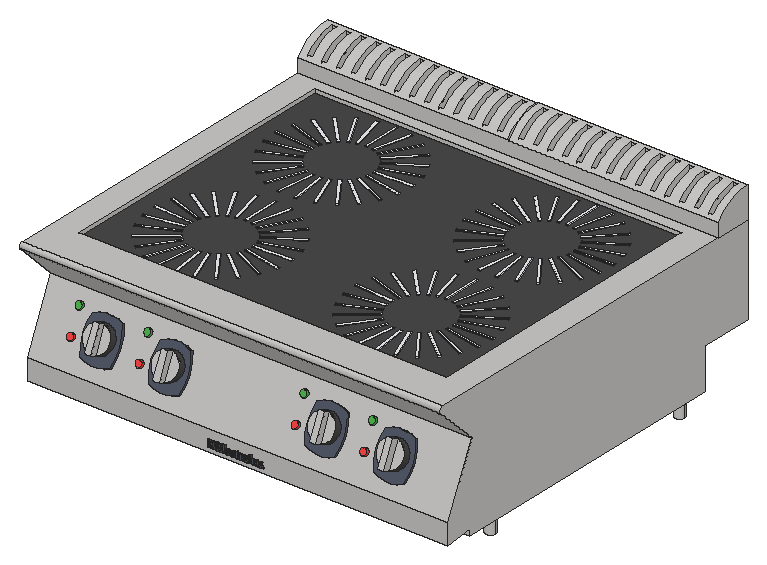
Revit family "QF_ELECTROLUXPROFESSIONAL_371025_E7IREH4000", category Specialty Equipment, Revit 2018 (continued)
Automatic sketch dimensions
  Extrusion 41 sketch curve to Extrusion 41 sketch curve = 0.444 mm
  Extrusion 41 sketch curve to Extrusion 41 sketch curve = 1.11 mm  (x3)
  Extrusion 41 sketch curve to Extrusion 41 sketch curve = 0.215 mm
  Extrusion 41 sketch curve to Extrusion 41 sketch curve = 1.43 mm
  Extrusion 41 sketch curve to Extrusion 41 sketch curve = 1.188 mm
  Extrusion 41 sketch curve to Extrusion 41 sketch curve = 1.21 mm  (x2)
  Extrusion 41 sketch curve to Extrusion 41 sketch curve = 0.503 mm
  Extrusion 41 sketch curve to Extrusion 41 sketch curve = 0.488 mm
  Extrusion 41 sketch curve to Extrusion 41 sketch curve = 0.462 mm
  Extrusion 41 sketch curve to Extrusion 41 sketch curve = 1.386 mm
  Extrusion 41 sketch curve to Extrusion 41 sketch curve = 1.742 mm  (x2)
  Extrusion 41 sketch curve to Extrusion 41 sketch curve = 0.821 mm
  Extrusion 41 sketch curve to Extrusion 41 sketch curve = 0.497 mm
  Extrusion 41 sketch curve to Extrusion 41 sketch curve = 0.539 mm
  Extrusion 41 sketch curve to Extrusion 41 sketch curve = 0.686 mm
  Extrusion 41 sketch curve to Extrusion 41 sketch curve = 0.408 mm
  Extrusion 41 sketch curve to Extrusion 41 sketch curve = 0.743 mm
  Extrusion 41 sketch curve to Extrusion 41 sketch curve = 1.16 mm
  Extrusion 41 sketch curve to Extrusion 41 sketch curve = 0.329 mm
  Extrusion 41 sketch curve to Extrusion 41 sketch curve = 1.054 mm
  Extrusion 41 sketch curve to Extrusion 41 sketch curve = 1.056 mm
  Extrusion 41 sketch curve to Extrusion 41 sketch curve = 0.129 mm
  Extrusion 41 sketch curve to Extrusion 41 sketch curve = 0.489 mm
  Extrusion 41 sketch curve to Extrusion 41 sketch curve = 0.441 mm
  Extrusion 41 sketch curve to Extrusion 41 sketch curve = 1.151 mm
  Extrusion 41 sketch curve to Extrusion 41 sketch curve = 1.141 mm  (x2)
  Extrusion 41 sketch curve to Extrusion 41 sketch curve = 0.768 mm
  Extrusion 41 sketch curve to Extrusion 41 sketch curve = 1.653 mm
  Extrusion 41 sketch curve to Extrusion 41 sketch curve = 0.499 mm
  Extrusion 41 sketch curve to Extrusion 41 sketch curve = 0.964 mm
  Extrusion 41 sketch curve to Extrusion 41 sketch curve = 0.949 mm
  Extrusion 41 sketch curve to Extrusion 41 sketch curve = 1.345 mm  (x2)
  Extrusion 41 sketch curve to Extrusion 41 sketch curve = 1.101 mm
  Extrusion 41 sketch curve to Extrusion 41 sketch curve = 0.432 mm
  Extrusion 41 sketch curve to Extrusion 41 sketch curve = 1.142 mm
  Extrusion 41 sketch curve to Extrusion 41 sketch curve = 0.959 mm
  Extrusion 41 sketch curve to Extrusion 41 sketch curve = 0.176 mm
  Extrusion 41 sketch curve to Extrusion 41 sketch curve = 0.728 mm
  Extrusion 41 sketch curve to Extrusion 41 sketch curve = 3.375 mm  (x2)
  Extrusion 41 sketch curve to Extrusion 41 sketch curve = 0.541 mm
  Extrusion 41 sketch curve to Extrusion 41 sketch curve = 0.955 mm
  Extrusion 41 sketch curve to Extrusion 41 sketch curve = 1.251 mm
  Extrusion 41 sketch curve to Extrusion 41 sketch curve = 0.572 mm
  Extrusion 41 sketch curve to Extrusion 41 sketch curve = 1.92 mm
  Extrusion 41 sketch curve to Extrusion 41 sketch curve = 1.224 mm
  Extrusion 41 sketch curve to Extrusion 41 sketch curve = 0.745 mm
  Extrusion 41 sketch curve to Extrusion 41 sketch curve = 2.537 mm
  Extrusion 41 sketch curve to Extrusion 41 sketch curve = 0.896 mm  (x3)
  Extrusion 41 sketch curve to Extrusion 41 sketch curve = 0.036 mm
  Extrusion 41 sketch curve to Extrusion 41 sketch curve = 2.607 mm
  Extrusion 41 sketch curve to Extrusion 41 sketch curve = 0.066 mm
  Extrusion 41 sketch curve to Extrusion 41 sketch curve = 0.248 mm
  Extrusion 41 sketch curve to Extrusion 41 sketch curve = 0.449 mm
  Extrusion 41 sketch curve to Extrusion 41 sketch curve = 1.052 mm
  Extrusion 41 sketch curve to Extrusion 41 sketch curve = 1.863 mm
  Extrusion 41 sketch curve to Extrusion 41 sketch curve = 1.31 mm  (x2)
  Extrusion 41 sketch curve to Extrusion 41 sketch curve = 0.901 mm
  Extrusion 41 sketch curve to Extrusion 41 sketch curve = 1.107 mm
  Extrusion 41 sketch curve to Extrusion 41 sketch curve = 2.122 mm
  Extrusion 41 sketch curve to Extrusion 41 sketch curve = 2.101 mm
  Extrusion 41 sketch curve to Extrusion 41 sketch curve = 0.106 mm
  Extrusion 41 sketch curve to Extrusion 41 sketch curve = 0.029 mm
  Extrusion 41 sketch curve to Extrusion 41 sketch curve = 2.09 mm
  Extrusion 41 sketch curve to Extrusion 41 sketch curve = 1.279 mm
  Extrusion 41 sketch curve to Extrusion 41 sketch curve = 2.008 mm
  Extrusion 41 sketch curve to Extrusion 41 sketch curve = 0.738 mm
  Extrusion 41 sketch curve to Extrusion 41 sketch curve = 0.382 mm
  Extrusion 41 sketch curve to Extrusion 41 sketch curve = 0.384 mm
  Extrusion 41 sketch curve to Extrusion 41 sketch curve = 0.002 mm
  Extrusion 41 sketch curve to Extrusion 41 sketch curve = 0.561 mm
  Extrusion 41 sketch curve to Extrusion 41 sketch curve = 0.592 mm
  Extrusion 41 sketch curve to Extrusion 41 sketch curve = 2.692 mm
  Extrusion 41 sketch curve to Extrusion 41 sketch curve = 1.259 mm
  Extrusion 41 sketch curve to Extrusion 41 sketch curve = 0.802 mm
  Extrusion 41 sketch curve to Extrusion 41 sketch curve = 1.024 mm  (x2)
  Extrusion 41 sketch curve to Extrusion 41 sketch curve = 0.682 mm
  Extrusion 41 sketch curve to Extrusion 41 sketch curve = 5.934 mm
  Extrusion 41 sketch curve to Extrusion 41 sketch curve = 2.186 mm
  Extrusion 41 sketch curve to Extrusion 41 sketch curve = 0.337 mm
  Extrusion 41 sketch curve to Extrusion 41 sketch curve = 0.021 mm
  Extrusion 41 sketch curve to Extrusion 41 sketch curve = 1.005 mm
  Extrusion 41 sketch curve to Extrusion 41 sketch curve = 0.552 mm
  Extrusion 41 sketch curve to Extrusion 41 sketch curve = 0.778 mm
  Extrusion 41 sketch curve to Extrusion 41 sketch curve = 0.063 mm
  Extrusion 41 sketch curve to Extrusion 41 sketch curve = 1.023 mm
  Extrusion 41 sketch curve to Extrusion 41 sketch curve = 3.804 mm
  Extrusion 41 sketch curve to Extrusion 41 sketch curve = 0.486 mm
  Extrusion 41 sketch curve to Extrusion 41 sketch curve = 0.266 mm  (x2)
  Extrusion 41 sketch curve to Extrusion 41 sketch curve = 1.547 mm
  Extrusion 41 sketch curve to Extrusion 41 sketch curve = 0.717 mm  (x2)
  Extrusion 41 sketch curve to Extrusion 41 sketch curve = 1.667 mm
  Extrusion 41 sketch curve to Extrusion 41 sketch curve = 3.174 mm
  Extrusion 41 sketch curve to Extrusion 41 sketch curve = 0.388 mm
  Extrusion 41 sketch curve to Extrusion 41 sketch curve = 1.342 mm
  Extrusion 41 sketch curve to Extrusion 41 sketch curve = 1.521 mm
  Extrusion 41 sketch curve to Extrusion 41 sketch curve = 0.124 mm
  Extrusion 41 sketch curve to Extrusion 41 sketch curve = 0.291 mm
  plane 7 "Center Y" to Extrusion 41 sketch curve = 3.923 mm
  Extrusion 41 sketch curve to Extrusion 41 sketch curve = 1.049 mm  (x2)
  Extrusion 41 sketch curve to Extrusion 41 sketch curve = 1.7 mm
  Extrusion 41 sketch curve to Extrusion 41 sketch curve = 0.894 mm
  Extrusion 41 sketch curve to Extrusion 41 sketch curve = 0.989 mm
  Extrusion 41 sketch curve to Extrusion 41 sketch curve = 1.168 mm
  Extrusion 41 sketch curve to Extrusion 41 sketch curve = 1.594 mm
  Extrusion 41 sketch curve to Extrusion 41 sketch curve = 0.731 mm
  Extrusion 41 sketch curve to Extrusion 41 sketch curve = 1.566 mm
  Extrusion 41 sketch curve to Extrusion 41 sketch curve = 0.064 mm
  plane 7 "Center Y" to Extrusion 41 sketch curve = 4.479 mm
  Extrusion 41 sketch curve to Extrusion 41 sketch curve = 0.556 mm  (x2)
  Extrusion 41 sketch curve to Extrusion 41 sketch curve = 0.48 mm
  Extrusion 41 sketch curve to Extrusion 41 sketch curve = 1.018 mm
  Extrusion 41 sketch curve to Extrusion 41 sketch curve = 0.787 mm
  Extrusion 41 sketch curve to Extrusion 41 sketch curve = 0.618 mm
  Extrusion 41 sketch curve to Extrusion 41 sketch curve = 1.672 mm
  Extrusion 41 sketch curve to Extrusion 41 sketch curve = 1.361 mm
  Extrusion 41 sketch curve to Extrusion 41 sketch curve = 0.822 mm
  Extrusion 41 sketch curve to Extrusion 41 sketch curve = 0.069 mm
  Extrusion 41 sketch curve to Extrusion 41 sketch curve = 1.88 mm
  Extrusion 41 sketch curve to Extrusion 41 sketch curve = 0.42 mm
  Extrusion 41 sketch curve to Extrusion 41 sketch curve = 0.062 mm
  Extrusion 41 sketch curve to Extrusion 41 sketch curve = 1.355 mm
  Extrusion 41 sketch curve to Extrusion 41 sketch curve = 2.34 mm
  Extrusion 41 sketch curve to Extrusion 41 sketch curve = 0.493 mm
  Extrusion 41 sketch curve to Extrusion 41 sketch curve = 0.136 mm
  Extrusion 41 sketch curve to Extrusion 41 sketch curve = 0.128 mm
  Extrusion 41 sketch curve to Extrusion 41 sketch curve = 3.616 mm
  Extrusion 41 sketch curve to Extrusion 41 sketch curve = 4.207 mm
  Extrusion 41 sketch curve to Extrusion 41 sketch curve = 0.183 mm
  Extrusion 41 sketch curve to Extrusion 41 sketch curve = 0.895 mm
  Extrusion 41 sketch curve to Extrusion 41 sketch curve = 1.314 mm
  Extrusion 41 sketch curve to Extrusion 41 sketch curve = 3.231 mm
  Extrusion 41 sketch curve to Extrusion 41 sketch curve = 1.299 mm
  Extrusion 41 sketch curve to Extrusion 41 sketch curve = 1.214 mm
  Extrusion 41 sketch curve to Extrusion 41 sketch curve = 1.264 mm
  Extrusion 41 sketch curve to Extrusion 41 sketch curve = 0.109 mm
  Extrusion 41 sketch curve to Extrusion 41 sketch curve = 0.357 mm
  Extrusion 41 sketch curve to Extrusion 41 sketch curve = 0.565 mm
  Extrusion 41 sketch curve to Extrusion 41 sketch curve = 2.504 mm
  Extrusion 41 sketch curve to Extrusion 41 sketch curve = 2.459 mm
  Extrusion 41 sketch curve to Extrusion 41 sketch curve = 1.322 mm
  Extrusion 41 sketch curve to Extrusion 41 sketch curve = 2.77 mm
  Extrusion 41 sketch curve to Extrusion 41 sketch curve = 2.51 mm
  Extrusion 41 sketch curve to Extrusion 41 sketch curve = 0.187 mm
  Extrusion 41 sketch curve to Extrusion 41 sketch curve = 2.559 mm
  Extrusion 41 sketch curve to Extrusion 41 sketch curve = 1.556 mm
  Extrusion 41 sketch curve to Extrusion 41 sketch curve = 0.222 mm
  Extrusion 41 sketch curve to Extrusion 41 sketch curve = 1.383 mm
  Extrusion 41 sketch curve to Extrusion 41 sketch curve = 3.114 mm
  Extrusion 41 sketch curve to Extrusion 41 sketch curve = 3.376 mm
  Extrusion 41 sketch curve to Extrusion 41 sketch curve = 0.934 mm
  Extrusion 41 sketch curve to Extrusion 41 sketch curve = 0.191 mm
  Extrusion 41 sketch curve to Extrusion 41 sketch curve = 3.696 mm
  Extrusion 41 sketch curve to Extrusion 41 sketch curve = 2.708 mm
  Extrusion 41 sketch curve to Extrusion 41 sketch curve = 3.333 mm
  Extrusion 41 sketch curve to Extrusion 41 sketch curve = 0.332 mm
  Extrusion 41 sketch curve to Extrusion 41 sketch curve = 1.087 mm
  Extrusion 41 sketch curve to Extrusion 41 sketch curve = 2.23 mm
  Extrusion 41 sketch curve to Extrusion 41 sketch curve = 2.757 mm
  Extrusion 41 sketch curve to Extrusion 41 sketch curve = 0.987 mm
  Extrusion 41 sketch curve to Extrusion 41 sketch curve = 1.529 mm
  Extrusion 41 sketch curve to Extrusion 41 sketch curve = 1.796 mm
  Extrusion 41 sketch curve to Extrusion 41 sketch curve = 2.859 mm
  Extrusion 41 sketch curve to Extrusion 41 sketch curve = 0.853 mm
  Extrusion 41 sketch curve to Extrusion 41 sketch curve = 1.241 mm
  Extrusion 41 sketch curve to Extrusion 41 sketch curve = 2.046 mm  (x2)
  Extrusion 41 sketch curve to Extrusion 41 sketch curve = 2.422 mm
  Extrusion 41 sketch curve to Extrusion 41 sketch curve = 0.27 mm  (x2)
  Extrusion 41 sketch curve to Extrusion 41 sketch curve = 0.69 mm
  Extrusion 41 sketch curve to Extrusion 41 sketch curve = 0.781 mm  (x2)
  Extrusion 41 sketch curve to Extrusion 41 sketch curve = 3.136 mm
  Extrusion 41 sketch curve to Extrusion 41 sketch curve = 1.767 mm
  Extrusion 41 sketch curve to Extrusion 41 sketch curve = 0.138 mm
  Extrusion 41 sketch curve to Extrusion 41 sketch curve = 0.777 mm
  Extrusion 41 sketch curve to Extrusion 41 sketch curve = 1.19 mm
  Extrusion 41 sketch curve to Extrusion 41 sketch curve = 0.782 mm
  Extrusion 41 sketch curve to Extrusion 41 sketch curve = 1.268 mm
  Extrusion 41 sketch curve to Extrusion 41 sketch curve = 0.422 mm  (x2)
  Extrusion 41 sketch curve to Extrusion 41 sketch curve = 1.559 mm
  Extrusion 41 sketch curve to Extrusion 41 sketch curve = 3.927 mm
  Extrusion 41 sketch curve to Extrusion 41 sketch curve = 0.983 mm
  Extrusion 41 sketch curve to Extrusion 41 sketch curve = 1.134 mm
  Extrusion 41 sketch curve to Extrusion 41 sketch curve = 0.094 mm
  plane 7 "Center Y" to Extrusion 41 sketch curve = 1.023 mm
  Extrusion 41 sketch curve to Extrusion 41 sketch curve = 1.501 mm
  Extrusion 41 sketch curve to Extrusion 41 sketch curve = 1.808 mm
  Extrusion 41 sketch curve to Extrusion 41 sketch curve = 0.643 mm
  Extrusion 41 sketch curve to Extrusion 41 sketch curve = 0.916 mm
  Extrusion 41 sketch curve to Extrusion 41 sketch curve = 0.352 mm
  Extrusion 41 sketch curve to Extrusion 41 sketch curve = 0.458 mm
  Extrusion 41 sketch curve to Extrusion 41 sketch curve = 1.282 mm
  Extrusion 41 sketch curve to Extrusion 41 sketch curve = 1.363 mm
  Extrusion 41 sketch curve to Extrusion 41 sketch curve = 0.685 mm
  Extrusion 41 sketch curve to Extrusion 41 sketch curve = 0.905 mm
  Extrusion 41 sketch curve to Extrusion 41 sketch curve = 2.865 mm
  Extrusion 41 sketch curve to Extrusion 41 sketch curve = 0.472 mm
  Extrusion 41 sketch curve to Extrusion 41 sketch curve = 0.101 mm
  Extrusion 41 sketch curve to Extrusion 41 sketch curve = 0.54 mm
  Extrusion 41 sketch curve to Extrusion 41 sketch curve = 0.02 mm
  Extrusion 41 sketch curve to Extrusion 41 sketch curve = 0.468 mm
  Extrusion 41 sketch curve to Extrusion 41 sketch curve = 0.829 mm
  Extrusion 41 sketch curve to Extrusion 41 sketch curve = 0.582 mm
  Extrusion 41 sketch curve to Extrusion 41 sketch curve = 0.166 mm
  Extrusion 41 sketch curve to Extrusion 41 sketch curve = 0.16 mm
  Extrusion 41 sketch curve to Extrusion 41 sketch curve = 2.781 mm
  Extrusion 41 sketch curve to Extrusion 41 sketch curve = 1.118 mm
  Extrusion 41 sketch curve to Extrusion 41 sketch curve = 0.613 mm
  Extrusion 41 sketch curve to Extrusion 41 sketch curve = 0.361 mm
  Extrusion 41 sketch curve to Extrusion 41 sketch curve = 0.897 mm
  Extrusion 41 sketch curve to Extrusion 41 sketch curve = 0.167 mm
  Extrusion 41 sketch curve to Extrusion 41 sketch curve = 0.292 mm
  Extrusion 41 sketch curve to Extrusion 41 sketch curve = 0.305 mm
  Extrusion 41 sketch curve to Extrusion 41 sketch curve = 1.557 mm
  Extrusion 41 sketch curve to Extrusion 41 sketch curve = 2.499 mm
  Extrusion 41 sketch curve to Extrusion 41 sketch curve = 3.062 mm
  Extrusion 41 sketch curve to Extrusion 41 sketch curve = 2.968 mm
  Extrusion 41 sketch curve to Extrusion 41 sketch curve = 5.044 mm
  Extrusion 41 sketch curve to Extrusion 41 sketch curve = 0.629 mm  (x2)
  Extrusion 41 sketch curve to Extrusion 41 sketch curve = 1.131 mm
  Extrusion 41 sketch curve to Extrusion 41 sketch curve = 0.137 mm
  Extrusion 41 sketch curve to Extrusion 41 sketch curve = 0.027 mm
  Extrusion 41 sketch curve to Extrusion 41 sketch curve = 2.235 mm
  Extrusion 42 sketch curve to Extrusion 1 = 31.333 mm  (x2)
  Extrusion 42 sketch curve to Extrusion 42 sketch curve = 12.3 mm  (x3)
  Extrusion 42 sketch curve to Extrusion 42 sketch curve = 34.925 mm  (x2)
  Extrusion 1 to Extrusion 42 sketch curve = 44.467 mm
  Extrusion 1 to Extrusion 42 sketch curve = 305.752 mm
  Extrusion 42 sketch curve to Extrusion 42 sketch curve = 25.727 mm
  Extrusion 42 sketch curve to Extrusion 42 sketch curve = 25.771 mm
  Extrusion 42 sketch curve to Extrusion 42 sketch curve = 28.531 mm
  Extrusion 44 sketch curve to Extrusion 44 sketch curve = 24.732 mm
  Extrusion 44 sketch curve to Extrusion 44 sketch curve = 0 mm
  Extrusion 1 to Extrusion 45 sketch curve = 29.678 mm
  Extrusion 1 to Extrusion 45 sketch curve = 196.283 mm
  Extrusion 46 sketch curve to Extrusion 1 = 54.522 mm
  Extrusion 1 to Extrusion 46 sketch curve = 196.283 mm
  Extrusion 47 sketch curve to Extrusion 1 = 31.333 mm  (x2)
  Extrusion 47 sketch curve to Extrusion 47 sketch curve = 12.3 mm  (x3)
  Extrusion 47 sketch curve to Extrusion 47 sketch curve = 34.925 mm  (x2)
  Extrusion 1 to Extrusion 47 sketch curve = 44.467 mm
  Extrusion 1 to Extrusion 47 sketch curve = 66.558 mm
  Extrusion 47 sketch curve to Extrusion 47 sketch curve = 25.683 mm
  Extrusion 47 sketch curve to Extrusion 47 sketch curve = 25.727 mm
  Extrusion 47 sketch curve to Extrusion 47 sketch curve = 28.575 mm
  Extrusion 49 sketch curve to Extrusion 49 sketch curve = 24.732 mm
  Extrusion 49 sketch curve to Extrusion 49 sketch curve = 0 mm
  Extrusion 50 sketch curve to Extrusion 1 = 31.333 mm  (x2)
  Extrusion 50 sketch curve to Extrusion 50 sketch curve = 12.3 mm  (x3)
  Extrusion 50 sketch curve to Extrusion 50 sketch curve = 34.925 mm  (x2)
  Extrusion 1 to Extrusion 50 sketch curve = 44.467 mm
  Extrusion 1 to Extrusion 50 sketch curve = 197.193 mm
  Extrusion 50 sketch curve to Extrusion 50 sketch curve = 25.683 mm
  Extrusion 50 sketch curve to Extrusion 50 sketch curve = 25.727 mm
  Extrusion 50 sketch curve to Extrusion 50 sketch curve = 28.575 mm
  Extrusion 52 sketch curve to Extrusion 52 sketch curve = 24.732 mm
  Extrusion 52 sketch curve to Extrusion 52 sketch curve = 0 mm
  Extrusion 1 to Extrusion 53 sketch curve = 29.678 mm
  Extrusion 1 to Extrusion 53 sketch curve = 306.618 mm
  Extrusion 54 sketch curve to Extrusion 1 = 54.522 mm
  Extrusion 1 to Extrusion 54 sketch curve = 306.618 mm
  Extrusion 1 to Extrusion 55 sketch curve = 29.678 mm
  Extrusion 1 to Extrusion 55 sketch curve = 175.983 mm
  Extrusion 56 sketch curve to Extrusion 1 = 54.522 mm
  Extrusion 1 to Extrusion 56 sketch curve = 175.983 mm
  plane 7 "Center Y" to curve 133 = 1.729 mm
  curve 9 to plane 7 "Center Y" = 1.454 mm
  curve 9 to curve 7 = 0 mm
  radius of Extrusion 3 sketch curve = 9.525 mm  (x4)
  radius of Extrusion 5 sketch curve = 25.4 mm
  radius of Extrusion 6 sketch curve to Extrusion 5 = 0 mm  (x2)
  radius of Extrusion 7 sketch curve = 6.35 mm
  radius of Extrusion 8 sketch curve = 6.4 mm
  radius of Extrusion 9 sketch curve = 12.7 mm
  radius of Extrusion 43 sketch curve = 25.4 mm
  radius of Extrusion 44 sketch curve to Extrusion 43 = 0 mm  (x2)
  radius of Extrusion 45 sketch curve = 6.35 mm
  radius of Extrusion 46 sketch curve = 6.4 mm
  radius of Extrusion 48 sketch curve = 25.4 mm
  radius of Extrusion 49 sketch curve to Extrusion 48 = 0 mm  (x2)
  radius of Extrusion 51 sketch curve = 25.4 mm
  radius of Extrusion 52 sketch curve to Extrusion 51 = 0 mm  (x2)
  radius of Extrusion 53 sketch curve = 6.35 mm
  radius of Extrusion 54 sketch curve = 6.4 mm
  radius of Extrusion 55 sketch curve = 6.35 mm
  radius of Extrusion 56 sketch curve = 6.4 mm
Nested families
  nested 1: "INDUCTION BURNER" at (79.771, -98.911, 266.887), type "INDUCTION BURNER"
    with Type Mark "", Status "", Specification by User "", Revision Code "", Item Number "", Installed By "", Identify Quantity as Lot yes, Furnished By "", Foodservice Equipment Identifier yes
  nested 2: "INDUCTION BURNER" at (461.843, -98.911, 266.887), type "INDUCTION BURNER"
    with Type Mark "", Status "", Specification by User "", Revision Code "", Item Number "", Installed By "", Identify Quantity as Lot yes, Furnished By "", Foodservice Equipment Identifier yes
  nested 3: "INDUCTION BURNER" at (461.843, -386.411, 266.887), type "INDUCTION BURNER"
    with Type Mark "", Status "", Specification by User "", Revision Code "", Item Number "", Installed By "", Identify Quantity as Lot yes, Furnished By "", Foodservice Equipment Identifier yes
  nested 4: "INDUCTION BURNER" at (79.771, -386.411, 266.887), type "INDUCTION BURNER"
    with Type Mark "", Status "", Specification by User "", Revision Code "", Item Number "", Installed By "", Identify Quantity as Lot yes, Furnished By "", Foodservice Equipment Identifier yes
Connectors
  electrical at (736.5, -88.9, 57.906), driven by "Volts", driven by "Watts"
    settings: on Extrusion 9, index 1, voltage 400 V, apparent load 8800 VA, apparent load phase1 0 VA, apparent load phase2 0 VA, apparent load phase3 0 VA, power factor 1, load classification "Other", number of poles 1, system type 30, power factor state 1, is connector primary yes, connector utility no, sub classification motor no, connector description "Electrical Connection"
Definition of nested family "INDUCTION BURNER"
  Parameters
    Weight in Pounds = 0
    URL Cutsheet = ""
    Type Mark [instance] = ""
    Status [instance] = ""
    Specification by User [instance] = ""
    Specification by Manufacturer = ""
    Serial Number = ""
    Seismic Rating = ""
    SMACNA No = ""
    Revision Code [instance] = ""
    Omniclass Number and Title = ""
    NAFEM Spec ID Number = ""
    Masterspec = ""
    Item Number [instance] = ""
    Installed By [instance] = ""
    Identify Quantity as Lot [instance] = yes
    Furnished By [instance] = ""
    Foodservice Equipment Identifier [instance] = yes
    CSI MasterFormat = ""
    CSI Master Format = ""
    Assembly Code = ""
  Reference planes
    plane 1 "BACK": y = 0
    plane 2: z = 0
    plane 3 "LEFT": x = 0
    plane 4 "RIGHT": x = 263
    plane 5 "FRONT": y = -263
    plane 6 "TOP": z = 0.794
    plane 7 "Center Y": x = 131.5
    plane 8 "Center X": y = -131.5
  Forms (mm)
    Extrusion 1, solid
      sketch origin (0, 0, 0) x (1, 0, 0) y (0, 1, 0)
        loop
          line (134, -73.314) -> (134, 0) -> (129, 0) -> (129, -73.314) -> (134, -73.314)
        loop
          line (119.451, -74.521) -> (101.219, -3.51) -> (96.376, -4.753) -> (114.608, -75.764) -> (119.451, -74.521)
        loop
          line (105.66, -79.307) -> (70.34, -15.061) -> (65.959, -17.47) -> (101.278, -81.716) -> (105.66, -79.307)
        loop
          line (93.492, -87.373) -> (43.304, -33.929) -> (39.66, -37.352) -> (89.847, -90.796) -> (93.492, -87.373)
        loop
          line (83.712, -98.212) -> (21.81, -58.928) -> (19.131, -63.15) -> (81.033, -102.433) -> (83.712, -98.212)
        loop
          line (5.664, -93.242) -> (75.39, -115.897) -> (76.935, -111.142) -> (7.209, -88.487) -> (5.664, -93.242)
        loop
          line (73.586, -125.351) -> (0.416, -120.748) -> (0.103, -125.738) -> (73.272, -130.342) -> (73.586, -125.351)
        loop
          line (73.876, -139.947) -> (1.861, -153.685) -> (2.798, -158.596) -> (74.813, -144.859) -> (73.876, -139.947)
        loop
          line (77.788, -154.012) -> (11.451, -185.228) -> (13.58, -189.752) -> (79.916, -158.536) -> (77.788, -154.012)
        loop
          line (85.074, -166.663) -> (28.584, -213.395) -> (31.771, -217.248) -> (88.261, -170.515) -> (85.074, -166.663)
        loop
          line (95.277, -177.104) -> (52.184, -236.416) -> (56.229, -239.355) -> (99.322, -180.043) -> (95.277, -177.104)
        loop
          line (107.756, -184.679) -> (80.767, -252.845) -> (85.416, -254.686) -> (112.405, -186.52) -> (107.756, -184.679)
        loop
          line (121.727, -188.914) -> (112.538, -261.65) -> (117.499, -262.276) -> (126.688, -189.54) -> (121.727, -188.914)
        loop
          line (143.549, -74.521) -> (148.392, -75.764) -> (166.624, -4.753) -> (161.781, -3.51) -> (143.549, -74.521)
        loop
          line (157.34, -79.307) -> (161.722, -81.716) -> (197.041, -17.47) -> (192.66, -15.061) -> (157.34, -79.307)
        loop
          line (169.508, -87.373) -> (173.153, -90.796) -> (223.34, -37.352) -> (219.696, -33.929) -> (169.508, -87.373)
        loop
          line (179.288, -98.212) -> (181.967, -102.433) -> (243.869, -63.15) -> (241.19, -58.928) -> (179.288, -98.212)
        loop
          line (257.336, -93.242) -> (255.791, -88.487) -> (186.065, -111.142) -> (187.61, -115.897) -> (257.336, -93.242)
        loop
          line (189.414, -125.351) -> (189.728, -130.342) -> (262.897, -125.738) -> (262.584, -120.748) -> (189.414, -125.351)
        loop
          line (189.124, -139.947) -> (188.187, -144.859) -> (260.202, -158.596) -> (261.139, -153.685) -> (189.124, -139.947)
        loop
          line (185.212, -154.012) -> (183.084, -158.536) -> (249.42, -189.752) -> (251.549, -185.228) -> (185.212, -154.012)
        loop
          line (177.926, -166.663) -> (174.739, -170.515) -> (231.229, -217.248) -> (234.416, -213.395) -> (177.926, -166.663)
        loop
          line (167.723, -177.104) -> (163.678, -180.043) -> (206.771, -239.355) -> (210.816, -236.416) -> (167.723, -177.104)
        loop
          line (155.244, -184.679) -> (150.595, -186.52) -> (177.584, -254.686) -> (182.233, -252.845) -> (155.244, -184.679)
        loop
          line (141.273, -188.914) -> (136.312, -189.54) -> (145.501, -262.276) -> (150.462, -261.65) -> (141.273, -188.914)
      from 0 to 0.8
  Lines and regions (mm)
    symbolic lines
      curve 1: line (134, -73.314, 0) -> (134, 0, 0)
      curve 2: line (134, 0, 0) -> (129, 0, 0)
      curve 3: line (129, 0, 0) -> (129, -73.314, 0)
      curve 4: line (129, -73.314, 0) -> (134, -73.314, 0)
      curve 5: line (148.392, -75.764, 0) -> (166.624, -4.753, 0)
      curve 6: line (166.624, -4.753, 0) -> (161.781, -3.51, 0)
      curve 7: line (161.781, -3.51, 0) -> (143.549, -74.521, 0)
      curve 8: line (143.549, -74.521, 0) -> (148.392, -75.764, 0)
      curve 9: line (119.451, -74.521, 0) -> (101.219, -3.51, 0)
      curve 10: line (101.219, -3.51, 0) -> (96.376, -4.753, 0)
      curve 11: line (96.376, -4.753, 0) -> (114.608, -75.764, 0)
      curve 12: line (114.608, -75.764, 0) -> (119.451, -74.521, 0)
      curve 13: line (105.66, -79.307, 0) -> (70.34, -15.061, 0)
      curve 14: line (70.34, -15.061, 0) -> (65.959, -17.47, 0)
      curve 15: line (65.959, -17.47, 0) -> (101.278, -81.716, 0)
      curve 16: line (101.278, -81.716, 0) -> (105.66, -79.307, 0)
      curve 17: line (93.492, -87.373, 0) -> (43.304, -33.929, 0)
      curve 18: line (43.304, -33.929, 0) -> (39.66, -37.352, 0)
      curve 19: line (39.66, -37.352, 0) -> (89.847, -90.796, 0)
      curve 20: line (89.847, -90.796, 0) -> (93.492, -87.373, 0)
      curve 21: line (83.712, -98.212, 0) -> (21.81, -58.928, 0)
      curve 22: line (21.81, -58.928, 0) -> (19.131, -63.15, 0)
      curve 23: line (19.131, -63.15, 0) -> (81.033, -102.433, 0)
      curve 24: line (81.033, -102.433, 0) -> (83.712, -98.212, 0)
      curve 25: line (76.935, -111.142, 0) -> (7.209, -88.487, 0)
      curve 26: line (7.209, -88.487, 0) -> (5.664, -93.242, 0)
      curve 27: line (5.664, -93.242, 0) -> (75.39, -115.897, 0)
      curve 28: line (75.39, -115.897, 0) -> (76.935, -111.142, 0)
      curve 29: line (73.586, -125.351, 0) -> (0.416, -120.748, 0)
      curve 30: line (0.416, -120.748, 0) -> (0.103, -125.738, 0)
      curve 31: line (0.103, -125.738, 0) -> (73.272, -130.342, 0)
      curve 32: line (73.272, -130.342, 0) -> (73.586, -125.351, 0)
      curve 33: line (73.876, -139.947, 0) -> (1.861, -153.685, 0)
      curve 34: line (1.861, -153.685, 0) -> (2.798, -158.596, 0)
      curve 35: line (2.798, -158.596, 0) -> (74.813, -144.859, 0)
      curve 36: line (74.813, -144.859, 0) -> (73.876, -139.947, 0)
      curve 37: line (77.788, -154.012, 0) -> (11.451, -185.228, 0)
      curve 38: line (11.451, -185.228, 0) -> (13.58, -189.752, 0)
      curve 39: line (13.58, -189.752, 0) -> (79.916, -158.536, 0)
      curve 40: line (79.916, -158.536, 0) -> (77.788, -154.012, 0)
      curve 41: line (85.074, -166.663, 0) -> (28.584, -213.395, 0)
      curve 42: line (28.584, -213.395, 0) -> (31.771, -217.248, 0)
      curve 43: line (31.771, -217.248, 0) -> (88.261, -170.515, 0)
      curve 44: line (88.261, -170.515, 0) -> (85.074, -166.663, 0)
      curve 45: line (95.277, -177.104, 0) -> (52.184, -236.416, 0)
      curve 46: line (52.184, -236.416, 0) -> (56.229, -239.355, 0)
      curve 47: line (56.229, -239.355, 0) -> (99.322, -180.043, 0)
      curve 48: line (99.322, -180.043, 0) -> (95.277, -177.104, 0)
      curve 49: line (107.756, -184.679, 0) -> (80.767, -252.845, 0)
      curve 50: line (80.767, -252.845, 0) -> (85.416, -254.686, 0)
      curve 51: line (85.416, -254.686, 0) -> (112.405, -186.52, 0)
      curve 52: line (112.405, -186.52, 0) -> (107.756, -184.679, 0)
      curve 53: line (121.727, -188.914, 0) -> (112.538, -261.65, 0)
      curve 54: line (112.538, -261.65, 0) -> (117.499, -262.276, 0)
      curve 55: line (117.499, -262.276, 0) -> (126.688, -189.54, 0)
      curve 56: line (126.688, -189.54, 0) -> (121.727, -188.914, 0)
      curve 57: line (136.312, -189.54, 0) -> (145.501, -262.276, 0)
      curve 58: line (145.501, -262.276, 0) -> (150.462, -261.65, 0)
      curve 59: line (150.462, -261.65, 0) -> (141.273, -188.914, 0)
      curve 60: line (141.273, -188.914, 0) -> (136.312, -189.54, 0)
      curve 61: line (150.595, -186.52, 0) -> (177.584, -254.686, 0)
      curve 62: line (177.584, -254.686, 0) -> (182.233, -252.845, 0)
      curve 63: line (182.233, -252.845, 0) -> (155.244, -184.679, 0)
      curve 64: line (155.244, -184.679, 0) -> (150.595, -186.52, 0)
      curve 65: line (163.678, -180.043, 0) -> (206.771, -239.355, 0)
      curve 66: line (206.771, -239.355, 0) -> (210.816, -236.416, 0)
      curve 67: line (210.816, -236.416, 0) -> (167.723, -177.104, 0)
      curve 68: line (167.723, -177.104, 0) -> (163.678, -180.043, 0)
      curve 69: line (174.739, -170.515, 0) -> (231.229, -217.248, 0)
      curve 70: line (231.229, -217.248, 0) -> (234.416, -213.395, 0)
      curve 71: line (234.416, -213.395, 0) -> (177.926, -166.663, 0)
      curve 72: line (177.926, -166.663, 0) -> (174.739, -170.515, 0)
      curve 73: line (183.084, -158.536, 0) -> (249.42, -189.752, 0)
      curve 74: line (249.42, -189.752, 0) -> (251.549, -185.228, 0)
      curve 75: line (251.549, -185.228, 0) -> (185.212, -154.012, 0)
      curve 76: line (185.212, -154.012, 0) -> (183.084, -158.536, 0)
      curve 77: line (188.187, -144.859, 0) -> (260.202, -158.596, 0)
      curve 78: line (260.202, -158.596, 0) -> (261.139, -153.685, 0)
      curve 79: line (261.139, -153.685, 0) -> (189.124, -139.947, 0)
      curve 80: line (189.124, -139.947, 0) -> (188.187, -144.859, 0)
      curve 81: line (189.728, -130.342, 0) -> (262.897, -125.738, 0)
      curve 82: line (262.897, -125.738, 0) -> (262.584, -120.748, 0)
      curve 83: line (262.584, -120.748, 0) -> (189.414, -125.351, 0)
      curve 84: line (189.414, -125.351, 0) -> (189.728, -130.342, 0)
      curve 85: line (187.61, -115.897, 0) -> (257.336, -93.242, 0)
      curve 86: line (257.336, -93.242, 0) -> (255.791, -88.487, 0)
      curve 87: line (255.791, -88.487, 0) -> (186.065, -111.142, 0)
      curve 88: line (186.065, -111.142, 0) -> (187.61, -115.897, 0)
      curve 89: line (181.967, -102.433, 0) -> (243.869, -63.15, 0)
      curve 90: line (243.869, -63.15, 0) -> (241.19, -58.928, 0)
      curve 91: line (241.19, -58.928, 0) -> (179.288, -98.212, 0)
      curve 92: line (179.288, -98.212, 0) -> (181.967, -102.433, 0)
      curve 93: line (173.153, -90.796, 0) -> (223.34, -37.352, 0)
      curve 94: line (223.34, -37.352, 0) -> (219.696, -33.929, 0)
      curve 95: line (219.696, -33.929, 0) -> (169.508, -87.373, 0)
      curve 96: line (169.508, -87.373, 0) -> (173.153, -90.796, 0)
      curve 97: line (161.722, -81.716, 0) -> (197.041, -17.47, 0)
      curve 98: line (197.041, -17.47, 0) -> (192.66, -15.061, 0)
      curve 99: line (192.66, -15.061, 0) -> (157.34, -79.307, 0)
      curve 100: line (157.34, -79.307, 0) -> (161.722, -81.716, 0)
  Dimensions and locks
    equal spacing: plane 3 "LEFT", plane 7 "Center Y", plane 4 "RIGHT"
    plane 3 "LEFT" to plane 4 "RIGHT" = 263 mm
    equal spacing: plane 5 "FRONT", plane 8 "Center X", plane 1 "BACK"
    plane 5 "FRONT" to plane 1 "BACK" = 263 mm
    plane 6 "TOP" to level = 0.794 mm
    aligned and locked: level to plane 2
  Automatic sketch dimensions
    plane 1 "BACK" to curve 1 = 0 mm
    plane 3 "LEFT" to curve 31 = 0.103 mm
    plane 3 "LEFT" to curve 33 = 1.861 mm
    plane 3 "LEFT" to curve 26 = 5.664 mm
    plane 3 "LEFT" to curve 38 = 11.451 mm
    curve 37 to curve 39 = 2.129 mm
    plane 3 "LEFT" to curve 22 = 19.131 mm
    curve 38 to curve 42 = 15.004 mm
    curve 21 to curve 18 = 17.849 mm
    plane 1 "BACK" to curve 14 = 15.061 mm
    curve 14 to curve 14 = 4.382 mm
    plane 8 "Center X" to curve 32 = 1.158 mm
    curve 32 to curve 29 = 0.314 mm
    curve 31 to curve 36 = 0.604 mm
    curve 33 to plane 8 "Center X" = 8.447 mm
    curve 33 to curve 35 = 0.937 mm
    curve 29 to curve 28 = 1.803 mm
    plane 8 "Center X" to curve 27 = 15.603 mm
    curve 27 to curve 25 = 1.545 mm
    curve 36 to curve 40 = 2.974 mm
    curve 37 to plane 8 "Center X" = 22.512 mm
    curve 25 to curve 23 = 4.098 mm
    curve 23 to curve 21 = 2.679 mm
    curve 39 to curve 41 = 5.157 mm
    curve 49 to curve 51 = 4.649 mm
    curve 50 to plane 5 "FRONT" = 8.314 mm
    curve 41 to curve 44 = 3.187 mm
    curve 21 to curve 19 = 6.135 mm
    curve 19 to curve 17 = 3.645 mm
    curve 43 to curve 45 = 7.016 mm
    curve 45 to curve 47 = 4.045 mm
    curve 10 to curve 9 = 4.843 mm
    plane 1 "BACK" to curve 10 = 3.51 mm
    curve 17 to curve 16 = 7.786 mm
    curve 47 to curve 49 = 8.434 mm
    curve 13 to curve 11 = 8.949 mm
    curve 54 to plane 5 "FRONT" = 0.724 mm
    curve 53 to curve 54 = 4.961 mm
    curve 56 to plane 7 "Center Y" = 4.812 mm
    curve 2 to plane 7 "Center Y" = 2.5 mm
    plane 7 "Center Y" to curve 1 = 2.5 mm
    plane 7 "Center Y" to curve 57 = 4.812 mm
    plane 7 "Center Y" to curve 58 = 14.001 mm
    curve 57 to plane 5 "FRONT" = 0.724 mm
    curve 58 to curve 58 = 4.961 mm
    curve 59 to curve 64 = 9.322 mm
    curve 61 to curve 64 = 4.649 mm
    curve 5 to curve 100 = 8.949 mm
    plane 1 "BACK" to curve 6 = 3.51 mm
    curve 63 to curve 65 = 8.434 mm
    curve 6 to curve 6 = 4.843 mm
    curve 65 to curve 67 = 4.045 mm
    curve 97 to curve 96 = 7.786 mm
    curve 95 to curve 96 = 3.645 mm
    curve 67 to curve 72 = 7.016 mm
    curve 62 to plane 5 "FRONT" = 8.314 mm
    curve 69 to curve 71 = 3.187 mm
    curve 93 to curve 92 = 6.135 mm
    curve 71 to curve 76 = 5.157 mm
    curve 73 to curve 76 = 2.129 mm
    curve 75 to plane 8 "Center X" = 22.512 mm
    curve 89 to curve 88 = 4.098 mm
    plane 8 "Center X" to curve 88 = 15.603 mm
    curve 75 to curve 77 = 2.974 mm
    curve 79 to plane 8 "Center X" = 8.447 mm
    curve 77 to curve 79 = 0.937 mm
    curve 85 to curve 84 = 1.803 mm
    plane 8 "Center X" to curve 84 = 1.158 mm
    curve 83 to curve 84 = 0.314 mm
    plane 1 "BACK" to curve 98 = 15.061 mm
    curve 98 to curve 98 = 4.382 mm
    curve 66 to curve 70 = 20.413 mm
    curve 91 to plane 4 "RIGHT" = 21.81 mm
    curve 90 to curve 90 = 2.679 mm
    curve 74 to plane 4 "RIGHT" = 13.58 mm
    curve 86 to plane 4 "RIGHT" = 7.209 mm
    curve 86 to curve 86 = 1.545 mm
    curve 79 to plane 4 "RIGHT" = 1.861 mm
    curve 82 to plane 4 "RIGHT" = 0.103 mm
    curve 46 to curve 46 = 2.939 mm
    curve 45 to curve 42 = 19.169 mm
    curve 66 to curve 70 = 19.169 mm
    curve 69 to curve 71 = 3.853 mm
    curve 56 to curve 60 = 0 mm
    curve 55 to curve 53 = 0.627 mm
    curve 57 to curve 59 = 0.627 mm
    curve 53 to curve 52 = 2.394 mm
    curve 59 to curve 61 = 2.394 mm
    curve 73 to curve 75 = 4.524 mm
    curve 51 to curve 49 = 1.841 mm
    curve 61 to curve 63 = 1.841 mm
    curve 49 to curve 48 = 4.637 mm
    curve 63 to curve 65 = 4.637 mm
    curve 65 to curve 67 = 2.939 mm
    curve 67 to curve 72 = 6.589 mm
    curve 45 to curve 44 = 6.589 mm
    curve 43 to curve 44 = 3.853 mm
    curve 39 to curve 37 = 4.524 mm
    curve 77 to curve 78 = 4.911 mm
    curve 34 to curve 33 = 4.911 mm
    plane 8 "Center X" to curve 31 = 5.762 mm
    plane 8 "Center X" to curve 81 = 5.762 mm
    curve 30 to curve 30 = 4.99 mm
    curve 81 to curve 83 = 4.99 mm
    curve 87 to curve 89 = 8.709 mm
    curve 25 to curve 23 = 8.709 mm
    curve 23 to curve 21 = 4.222 mm
    curve 91 to curve 96 = 7.416 mm
    curve 21 to curve 20 = 7.416 mm
    curve 26 to curve 26 = 4.755 mm
    curve 86 to curve 86 = 4.755 mm
    curve 19 to curve 20 = 3.423 mm
    curve 93 to curve 95 = 3.423 mm
    curve 17 to curve 16 = 5.657 mm
    curve 95 to curve 97 = 5.657 mm
    curve 16 to curve 13 = 2.409 mm
    curve 97 to curve 100 = 2.409 mm
    curve 99 to curve 8 = 3.543 mm
    curve 13 to curve 11 = 3.543 mm
    curve 5 to curve 8 = 1.243 mm
    curve 11 to curve 12 = 1.243 mm
    curve 9 to curve 3 = 1.206 mm
    curve 90 to curve 91 = 4.222 mm
    curve 91 to curve 94 = 21.576 mm
    plane 1 "BACK" to Extrusion 1 sketch curve = 0 mm
    plane 3 "LEFT" to Extrusion 1 sketch curve = 0.103 mm
    plane 3 "LEFT" to Extrusion 1 sketch curve = 0.416 mm
    plane 3 "LEFT" to Extrusion 1 sketch curve = 1.861 mm
    plane 3 "LEFT" to Extrusion 1 sketch curve = 2.798 mm
    plane 3 "LEFT" to Extrusion 1 sketch curve = 5.664 mm
    Extrusion 1 sketch curve to Extrusion 1 sketch curve = 1.545 mm  (x2)
    plane 3 "LEFT" to Extrusion 1 sketch curve = 11.451 mm
    Extrusion 1 sketch curve to Extrusion 1 sketch curve = 2.129 mm  (x2)
    plane 3 "LEFT" to Extrusion 1 sketch curve = 19.131 mm
    Extrusion 1 sketch curve to Extrusion 1 sketch curve = 2.679 mm  (x2)
    Extrusion 1 sketch curve to Extrusion 1 sketch curve = 15.004 mm
    Extrusion 1 sketch curve to Extrusion 1 sketch curve = 3.187 mm  (x2)
    Extrusion 1 sketch curve to Extrusion 1 sketch curve = 17.849 mm
    plane 1 "BACK" to Extrusion 1 sketch curve = 33.929 mm
    Extrusion 1 sketch curve to Extrusion 1 sketch curve = 3.645 mm  (x2)
    Extrusion 1 sketch curve to Extrusion 1 sketch curve = 20.413 mm  (x2)
    Extrusion 1 sketch curve to plane 5 "FRONT" = 23.645 mm  (x2)
    Extrusion 1 sketch curve to Extrusion 1 sketch curve = 4.045 mm  (x2)
    Extrusion 1 sketch curve to Extrusion 1 sketch curve = 22.654 mm  (x2)
    plane 1 "BACK" to Extrusion 1 sketch curve = 15.061 mm  (x2)
    Extrusion 1 sketch curve to Extrusion 1 sketch curve = 4.382 mm  (x2)
    plane 8 "Center X" to Extrusion 1 sketch curve = 1.158 mm  (x2)
    Extrusion 1 sketch curve to plane 7 "Center Y" = 58.228 mm
    Extrusion 1 sketch curve to plane 8 "Center X" = 8.447 mm  (x2)
    Extrusion 1 sketch curve to Extrusion 1 sketch curve = 0.604 mm
    plane 8 "Center X" to Extrusion 1 sketch curve = 15.603 mm  (x2)
    Extrusion 1 sketch curve to Extrusion 1 sketch curve = 1.803 mm  (x2)
    Extrusion 1 sketch curve to plane 8 "Center X" = 22.512 mm  (x2)
    Extrusion 1 sketch curve to Extrusion 1 sketch curve = 2.974 mm  (x2)
    Extrusion 1 sketch curve to plane 5 "FRONT" = 10.155 mm
    Extrusion 1 sketch curve to Extrusion 1 sketch curve = 24.538 mm  (x2)
    Extrusion 1 sketch curve to Extrusion 1 sketch curve = 4.098 mm  (x2)
    Extrusion 1 sketch curve to Extrusion 1 sketch curve = 5.157 mm  (x2)
    Extrusion 1 sketch curve to plane 5 "FRONT" = 8.314 mm  (x2)
    Extrusion 1 sketch curve to Extrusion 1 sketch curve = 4.649 mm  (x2)
    Extrusion 1 sketch curve to Extrusion 1 sketch curve = 6.135 mm  (x2)
    Extrusion 1 sketch curve to Extrusion 1 sketch curve = 7.016 mm  (x2)
    plane 1 "BACK" to Extrusion 1 sketch curve = 4.753 mm
    Extrusion 1 sketch curve to Extrusion 1 sketch curve = 26.036 mm  (x2)
    plane 1 "BACK" to Extrusion 1 sketch curve = 3.51 mm  (x2)
    Extrusion 1 sketch curve to Extrusion 1 sketch curve = 4.843 mm  (x2)
    Extrusion 1 sketch curve to Extrusion 1 sketch curve = 7.786 mm  (x2)
    Extrusion 1 sketch curve to Extrusion 1 sketch curve = 8.434 mm  (x2)
    Extrusion 1 sketch curve to plane 5 "FRONT" = 1.35 mm
    Extrusion 1 sketch curve to plane 7 "Center Y" = 18.962 mm
    Extrusion 1 sketch curve to Extrusion 1 sketch curve = 8.949 mm  (x2)
    Extrusion 1 sketch curve to plane 5 "FRONT" = 0.724 mm  (x2)
    Extrusion 1 sketch curve to Extrusion 1 sketch curve = 4.961 mm  (x2)
    Extrusion 1 sketch curve to Extrusion 1 sketch curve = 9.322 mm  (x2)
    Extrusion 1 sketch curve to plane 7 "Center Y" = 2.5 mm
    plane 7 "Center Y" to Extrusion 1 sketch curve = 2.5 mm
    plane 7 "Center Y" to Extrusion 1 sketch curve = 4.812 mm
    Extrusion 1 sketch curve to Extrusion 1 sketch curve = 9.549 mm
    plane 7 "Center Y" to Extrusion 1 sketch curve = 14.001 mm
    Extrusion 1 sketch curve to Extrusion 1 sketch curve = 27.781 mm
    Extrusion 1 sketch curve to Extrusion 1 sketch curve = 27.122 mm
    plane 8 "Center X" to Extrusion 1 sketch curve = 29.067 mm
    plane 8 "Center X" to Extrusion 1 sketch curve = 20.358 mm
    Extrusion 1 sketch curve to plane 8 "Center X" = 13.359 mm
    Extrusion 1 sketch curve to Extrusion 1 sketch curve = 0.937 mm
    plane 8 "Center X" to Extrusion 1 sketch curve = 6.149 mm
    Extrusion 1 sketch curve to Extrusion 1 sketch curve = 0.314 mm
    Extrusion 1 sketch curve to plane 4 "RIGHT" = 21.81 mm
    Extrusion 1 sketch curve to plane 4 "RIGHT" = 13.58 mm
    Extrusion 1 sketch curve to plane 4 "RIGHT" = 7.209 mm
    Extrusion 1 sketch curve to plane 4 "RIGHT" = 2.798 mm
    Extrusion 1 sketch curve to plane 4 "RIGHT" = 0.416 mm
    Extrusion 1 sketch curve to Extrusion 1 sketch curve = 0.627 mm
    Extrusion 1 sketch curve to Extrusion 1 sketch curve = 1.841 mm
    Extrusion 1 sketch curve to Extrusion 1 sketch curve = 2.939 mm  (x2)
    Extrusion 1 sketch curve to Extrusion 1 sketch curve = 19.169 mm  (x2)
    Extrusion 1 sketch curve to Extrusion 1 sketch curve = 3.853 mm  (x2)
    Extrusion 1 sketch curve to Extrusion 1 sketch curve = 23.643 mm  (x2)
    Extrusion 1 sketch curve to plane 8 "Center X" = 27.096 mm
    plane 8 "Center X" to Extrusion 1 sketch curve = 5.762 mm
    Extrusion 1 sketch curve to Extrusion 1 sketch curve = 4.755 mm
    Extrusion 1 sketch curve to Extrusion 1 sketch curve = 8.709 mm
    Extrusion 1 sketch curve to Extrusion 1 sketch curve = 4.222 mm  (x2)
    Extrusion 1 sketch curve to Extrusion 1 sketch curve = 7.416 mm  (x2)
    Extrusion 1 sketch curve to Extrusion 1 sketch curve = 3.423 mm
    Extrusion 1 sketch curve to Extrusion 1 sketch curve = 5.657 mm  (x2)
    Extrusion 1 sketch curve to Extrusion 1 sketch curve = 3.543 mm
    Extrusion 1 sketch curve to Extrusion 1 sketch curve = 1.206 mm
